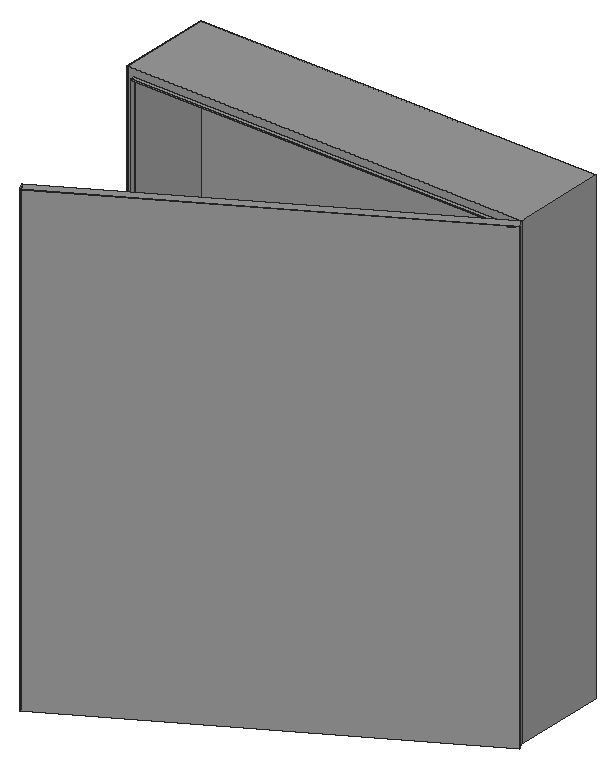
Revit family "Hager-Univers-IP44-D205-H950-Cl.I-Encl-NoHosted-CH-de", category Equipement électrique, Revit 2020
Family settings
  Configuration du panneau = Deux colonnes, circuits au sein
  Cote de connecteur circulaire = Utiliser le diamètre
  Type d'élément = Tableau de raccordement
  Basée sur le plan de construction = Oui
  Toujours verticalement = Oui
  Couper avec des vides une fois chargée = Non
  Partagée = Non
  Point de calcul de pièce = Non
Parameters (values of type "Aufputz IP44 B800 H950 T205  - FP63TN2")
  Width Control [instance] = if([EF000008 - Breite] > Min Width, [EF000008 - Breite], Min Width)  # 800 mm
  Commentaires du type = [HG000003 - Bereich]  # "Univers"
  Thickness Door [instance] = if([EF009171 - Materialstärke Tür/Deckel] > 3 mm, 3 mm, [EF009171 - Materialstärke Tür/Deckel])  # 1 mm
  Seal Frame Offset [instance] = 17 mm  # constant formula
  Plinth Visibility [instance] = [HG000027 - Sockelhöhe] > 0 mm  # no
  Min Width [instance] = 100 mm  # constant formula
  Min Depth [instance] = (2 * [EF009170 - Materialstärke Gehäuse]) + 1 mm  # 3 mm
  Min Height [instance] = 100 mm  # constant formula
  Internal Frame Depth [instance] = (Door System Depth * 0.5)  # 9 mm
  Panel Name [instance] = ""  # (empty or 0)
  Model = ""
  HG000027 - Sockelhöhe = 0 mm
  HG000026 - Stehend auf dem Boden = no
  HG000024 - Höhe des unteren Teils = 600 mm
  HG000023 - Gehäuse mit doppeltem Querschnitt = no
  HG000016 - 3D-Türsichtbarkeit [instance] = yes
  HG000015 - Sichtbarkeit der Türöffnung [instance] = no
  HG000014 - Tür rechts [instance] = yes
  HG000013 - Tür links [instance] = not([HG000014 - Tür rechts])  # no
  HG000012 - Türschwenkwinkel [instance] = 30.00°
  HG000010 - Asymmetrische Türen = no
  HG000009 - Doppelflügeligen Tür = no
  HG000006 - Unterputz = no
  HG000004 - Herstellerreferenz = "FP63TN2"
  HG000003 - Bereich = "Univers"
  HG000002 - Mit tür = yes
  Frame Offset Bottom [instance] = 10 mm  # constant formula
  Frame Offset [instance] = 15 mm  # constant formula
  EF015940 - Deckel mit Überdruckentlastung = no
  EF011959 - Schutzart (NEMA) = ""
  EF009554 - Anzahl der Öffnungen für Flanschplatten = 6
  EF009212 - Ausführung Deckel = "EV000116 - geschlossen"
  EF009171 - Materialstärke Tür/Deckel = 1 mm
  EF009170 - Materialstärke Gehäuse = 1 mm
  EF008873 - Nennstrom (In) = 250 A
  EF007800 - Geeignet für Blitzschutz = no
  EF006306 - Mit Schloss = no
  EF006244 - Transparenter Deckel/Tür = no
  EF005474 - Schutzart (IP) = "EV006418 - IP44"
  EF004464 - Art der Tür = "EV002646 - Einzel"
  EF004427 - Anzahl der Module = 216
  EF004293 - Schlagfestigkeit = "EV006815 - IK09"
  EF003532 - Geeignet für Außengebrauch = no
  EF002950 - Breite in Teilungseinheiten = 36
  EF001613 - Funktionserhalt = "EV000494 - ohne"
  EF001596 - Werkstoff des Gehäuses = "EV000179 - Stahl"
  EF001131 - Innentiefe = 130 mm
  EF001088 - Anbaumöglichkeit = yes
  EF000437 - Anzahl der Leitungseinführungen = 6
  EF000339 - Art der Abdeckung = "EV001012 - Deckel"
  EF000266 - Anzahl der Reihen = 6
  EF000218 - Einbautiefe = 205 mm
  EF000118 - Mit Montageplatte = no
  EF000116 - RAL-Nummer = "9010"
  EF000049 - Tiefe = 205 mm
  EF000040 - Höhe = 950 mm
  EF000008 - Breite = 800 mm
  EF000007 - Farbe = "EV000202 - weiß"
  EF000003 - Montageart = "EV000384 - Aufputz"
  Door System Leaf Tolerance [instance] = 1.5 mm  # constant formula
  Door System Depth [instance] = 18 mm  # constant formula
  Door Height [instance] = Height Control - [HG000027 - Sockelhöhe]  # 950 mm
  Description = ""
  Default Elevation = 1219.2 mm
  Connector Offset [instance] = Height Control / 2  # 475 mm
  Fabricant = "Hager"  # constant formula
  Height Control [instance] = if([EF000040 - Höhe] > Min Height, [EF000040 - Höhe], Min Height)  # 950 mm
  Depth Control [instance] = if([EF000049 - Tiefe] > Min Depth, [EF000049 - Tiefe], Min Depth)  # 205 mm
  Bottom Top Plate Trim [instance] = 1.5 mm  # constant formula
  Plinth height Ctrl [instance] = if([HG000027 - Sockelhöhe] > 0 mm, [HG000027 - Sockelhöhe], 12 mm)  # 12 mm
Types (10, lengths in mm): name | Width Control | HG000010 - Asymmetrische Türen | HG000009 - Doppelflügeligen Tür | HG000004 - Herstellerreferenz | EF009554 - Anzahl der Öffnungen für Flanschplatten | EF004464 - Art der Tür | EF004427 - Anzahl der Module | EF002950 - Breite in Teilungseinheiten | EF000437 - Anzahl der Leitungseinführungen | EF000218 - Einbautiefe | EF000008 - Breite
  Aufputz IP44 B1050 H950 T205  - FP64QT | 1050 | no | no | "FP64QT" | 8 | "EV003602 - Doppel" | 288 | 48 | 8 | 0 | 1050
  Aufputz IP44 B1050 H950 T205  - FP64TN2 | 1050 | no | yes | "FP64TN2" | 8 | "EV003602 - Doppel" | 288 | 48 | 8 | 205 | 1050
  Aufputz IP44 B1300 H950 T205  - FP65QT | 1300 | no | no | "FP65QT" | 10 | "EV003602 - Doppel" | 360 | 60 | 10 | 0 | 1300
  Aufputz IP44 B1300 H950 T205  - FP65TN2 | 1300 | yes | yes | "FP65TN2" | 10 | "EV003602 - Doppel" | 360 | 60 | 10 | 205 | 1300
  Aufputz IP44 B300 H950 T205  - FP61QT | 300 | no | no | "FP61QT" | 2 | "EV002646 - Einzel" | 72 | 12 | 2 | 0 | 300
  Aufputz IP44 B300 H950 T205  - FP61TN2 | 300 | no | no | "FP61TN2" | 2 | "EV002646 - Einzel" | 72 | 12 | 2 | 205 | 300
  Aufputz IP44 B550 H950 T205  - FP62QT | 550 | no | no | "FP62QT" | 4 | "EV002646 - Einzel" | 144 | 24 | 4 | 0 | 550
  Aufputz IP44 B550 H950 T205  - FP62TN2 | 550 | no | no | "FP62TN2" | 4 | "EV002646 - Einzel" | 144 | 24 | 4 | 205 | 550
  Aufputz IP44 B800 H950 T205  - FP63QT | 800 | no | no | "FP63QT" | 6 | "EV002646 - Einzel" | 216 | 36 | 6 | 0 | 800
  Aufputz IP44 B800 H950 T205  - FP63TN2 | 800 | no | no | "FP63TN2" | 6 | "EV002646 - Einzel" | 216 | 36 | 6 | 205 | 800
Reference planes
  plane 1 "Center (Front/Back)": y = 0
  plane 2: z = 0
  plane 3 "Center (Left/Right)": x = 0
  plane 4: y = 0
  plane 5: y = 0
  plane 6: z = 0
  plane 7: x = -400
  plane 8: x = 400
  plane 9: x = 399
  plane 10: x = -399
  plane 11: z = 0
  plane 12: z = 1
  plane 13: y = -205
  plane 14: y = -1
  plane 15: x = 0
  plane 16: y = -187
  plane 17: y = -204
  plane 18: y = -186
  plane 19: x = -384
  plane 20: x = 384
  plane 21: z = 11
  plane 22: x = -383
  plane 23: x = 383
  plane 24: z = 0
  plane 25: z = 950
  plane 26: z = 950
  plane 27: z = 934
  plane 28: z = 949
Forms (mm)
  Extrusion 1, solid, material "Hager_Steel_RAL7035_Light_Grey", detail levels medium+fine
    sketch origin (-208.679, -4572, 0) x (-1, 0, 0) y (0, -1, 0)
      loop
        line (191.321, -4385) -> (-608.679, -4385) -> (-608.679, -4572) -> (191.321, -4572) -> (191.321, -4385)
    from 0 to 950
  Extrusion 2, void
    sketch origin (-350.771, -205, 1219.2) x (1, 0, 0) y (0, 0, 1)
      loop
        line (-48.229, -270.2) -> (-48.229, -1218.2) -> (749.771, -1218.2) -> (749.771, -270.2) -> (-48.229, -270.2)
    from -19 to -204
  Extrusion 3, void
    sketch origin (-290.084, -187, 1219.2) x (1, 0, 0) y (0, 0, 1)
      loop
        line (-93.916, -1208.2) -> (674.084, -1208.2) -> (674.084, -285.2) -> (-93.916, -285.2) -> (-93.916, -1208.2)
    from 0 to -1
  Extrusion 4, solid, material "Hager_Steel_RAL7035_Light_Grey", visible <- "Plinth Visibility", detail levels medium+fine
    sketch origin (0, 0, 0) x (1, 0, 0) y (0, 1, 0)
      loop
        line (-400, 0) -> (-400, -187) -> (400, -187) -> (400, 0) -> (-400, 0)
    from 0 to 12 <- "Plinth height Ctrl"
  Extrusion 5, solid, material "Hager_Steel_RAL7035_Light_Grey", detail levels coarse
    sketch origin (0, 0, 0) x (1, 0, 0) y (0, 1, 0)
      loop
        line (-400, 0) -> (-400, -205) -> (400, -205) -> (400, 0) -> (-400, 0)
    from 0 to 950 <- "Height Control"
  Sweep 6, void
    path in 3D
      loop
        line (-400, -187, 12) -> (400, -187, 12) -> (400, 0, 12) -> (-400, 0, 12) -> (-400, -187, 12)
    profile origin (-400, -93.5, 12) x (1, 0, 0) y (0, 0, 1)
      loop
        line (0, 0) -> (0, -1.5) -> (1.5, -1.5)
        arc (1.5, -1.5) -> (1.061, -0.439) -> (0, 0) r 1.5
  Extrusion 7, solid, material "Hager_Steel_RAL7035_Light_Grey", detail levels fine
    sketch origin (-400, -187, 0) x (1, 0, 0) y (0, 0, 1)
      loop
        line (16, 11) -> (784, 11) -> (784, 934) -> (16, 934) -> (16, 11)
      loop
        line (15, 10) -> (785, 10) -> (785, 935) -> (15, 935) -> (15, 10)
    from 0 to 9 <- "Internal Frame Depth"
Cuts and joins
  Extrusion 2, Extrusion 3 cuts Extrusion 1
  Sweep 6 cuts Extrusion 4
Lines and regions (mm)
  Masking region 1
    outline origin (0, 0, 0) x (1, 0, 0) y (0, 1, 0)
      loop
        line (-400, 0) -> (-400, -205) -> (400, -205) -> (400, 0) -> (-400, 0)
  Masking region 2, detail levels coarse
    outline origin (-290.084, -187, 1219.2) x (-1, 0, 0) y (0, 0, 1)
      loop
        line (-690.084, -1219.2) -> (109.916, -1219.2) -> (109.916, -269.2) -> (-690.084, -269.2) -> (-690.084, -1219.2)
  Masking region 3, detail levels coarse
    outline origin (0, 0, 0) x (0, 1, 0) y (0, 0, 1)
      loop
        line (0, 0) -> (0, 950) -> (-205, 950) -> (-205, 0) -> (0, 0)
  Masking region 4, visible <- "Plinth Visibility", detail levels medium+fine
    outline origin (0, 0, 0) x (0, 1, 0) y (0, 0, 1)
      loop
        line (-1.5, 12) -> (-185.5, 12)
        arc (-185.5, 12) -> (-185.939, 10.939) -> (-187, 10.5) r 1.5
        line (-187, 10.5) -> (-187, 0) -> (0, 0) -> (0, 10.5)
        arc (0, 10.5) -> (-1.061, 10.939) -> (-1.5, 12) r 1.5
  Masking region 5, detail levels medium+fine
    outline origin (0, 0, 594.038) x (0, 1, 0) y (0, 0, 1)
      loop
        line (0, -594.038) -> (0, 355.962) -> (-187, 355.962) -> (-187, -594.038) -> (0, -594.038)
  Masking region 6, detail levels medium+fine
    outline origin (-359.7, -187, 1211.883) x (-1, 0, 0) y (0, 0, 1)
      loop
        line (-759.7, -1211.883) -> (40.3, -1211.883) -> (40.3, -261.883) -> (-759.7, -261.883) -> (-759.7, -1211.883)
  Masking region 7, visible <- "Plinth Visibility", detail levels medium+fine
    outline origin (-320.334, -187, 1041.368) x (-1, 0, 0) y (0, 0, 1)
      loop
        line (-720.334, -1041.368) -> (79.666, -1041.368) -> (79.666, -1030.868)
        arc (79.666, -1030.868) -> (78.606, -1030.429) -> (78.166, -1029.368) r 1.5
        line (78.166, -1029.368) -> (-718.834, -1029.368)
        arc (-718.834, -1029.368) -> (-719.273, -1030.429) -> (-720.334, -1030.868) r 1.5
        line (-720.334, -1030.868) -> (-720.334, -1041.368)
  sketch lines
    curve 1: line (-400, 0, 12) -> (-400, -187, 12)
    curve 2: line (-400, -187, 12) -> (400, -187, 12)
    curve 3: line (400, 0, 12) -> (-400, 0, 12)
    curve 4: line (400, -187, 12) -> (400, 0, 12)
Dimensions and locks
  locked: plane 1 "Center (Front/Back)" to plane 5
  "EF009170 - Materialstärke Gehäuse": plane 7 to plane 10
  "EF009170 - Materialstärke Gehäuse": plane 8 to plane 9
  equal spacing: plane 7, plane 3 "Center (Left/Right)", plane 8
  "Width Control": plane 7 to plane 8
  "Depth Control": plane 4 to plane 13
  "EF009170 - Materialstärke Gehäuse": plane 4 to plane 14
  "Height Control": plane 25 to level
  "HG000027 - Sockelhöhe": plane 11 to level
  "EF009170 - Materialstärke Gehäuse": plane 12 to plane 11
  "EF009170 - Materialstärke Gehäuse": plane 17 to plane 13
  "EF009170 - Materialstärke Gehäuse": plane 18 to plane 16
  "Frame Offset Bottom": plane 21 to plane 12
  "Frame Offset": plane 10 to plane 19
  "Frame Offset": plane 9 to plane 20
  "Door System Depth": plane 16 to plane 13
  "Seal Frame Offset": plane 7 to plane 22
  "Seal Frame Offset": plane 8 to plane 23
  "EF009170 - Materialstärke Gehäuse": plane 26 to plane 28
  "Frame Offset": plane 28 to plane 27
  "Connector Offset": plane 2 to connector elem
  "Bottom Top Plate Trim": profile plane to Sweep 6 sketch curve
  "Bottom Top Plate Trim": Sweep 6 sketch curve to Sweep 6 sketch curve
  "Plinth height Ctrl": Masking region 4 sketch curve to level
  "Plinth height Ctrl": Masking region 7 sketch curve to level
  "Thickness Door": Extrusion 7 sketch curve to Extrusion 7 sketch curve  (x4)
  "Bottom Top Plate Trim": radius of Sweep 6 sketch curve
  "Bottom Top Plate Trim": radius of Masking region 4 sketch curve  (x2)
  "Bottom Top Plate Trim": radius of Masking region 7 sketch curve  (x2)
  aligned and locked: Extrusion 2 sketch curve to plane 12
  aligned and locked: Extrusion 2 sketch curve to plane 9
  aligned and locked: Extrusion 2 sketch curve to plane 10
  aligned and locked: Extrusion 2 to plane 14
  aligned and locked: Extrusion 1 sketch curve to plane 4
  aligned and locked: plane 8 to Extrusion 1 sketch curve
  aligned and locked: plane 7 to Extrusion 1 sketch curve
  aligned and locked: Extrusion 2 to plane 18
  aligned and locked: Extrusion 3 sketch curve to plane 19
  aligned and locked: plane 20 to Extrusion 3 sketch curve
  aligned and locked: Extrusion 3 to Extrusion 2
  aligned and locked: Extrusion 3 sketch curve to plane 21
  aligned and locked: plane 3 "Center (Left/Right)" to nested 1
  aligned and locked: Extrusion 1 sketch curve to plane 16
  aligned and locked: Extrusion 4 sketch curve to cut or joined group of Extrusion 1, Extrusion 2, Extrusion 3
  aligned and locked: Masking region 1 sketch curve to plane 7
  aligned and locked: Masking region 1 sketch curve to plane 5
  aligned and locked: Masking region 1 sketch curve to plane 8
  aligned and locked: Masking region 2 sketch curve to level
  aligned and locked: level to Masking region 3 sketch curve
  aligned and locked: plane 1 "Center (Front/Back)" to Masking region 3 sketch curve
  aligned and locked: plane 13 to Masking region 3 sketch curve
  aligned and locked: plane 5 to Masking region 4 sketch curve
  aligned and locked: Masking region 2 sketch curve to plane 8
  aligned and locked: Masking region 2 sketch curve to plane 7
  aligned and locked: plane 7 to nested 2
  aligned and locked: nested 2 to plane 5
  aligned and locked: plane 5 to Masking region 5 sketch curve
  aligned and locked: plane 26 to Masking region 5 sketch curve
  aligned and locked: Extrusion 5 sketch curve to plane 8
  aligned and locked: Extrusion 5 sketch curve to plane 7
  aligned and locked: Extrusion 5 sketch curve to plane 5
  aligned and locked: Extrusion 3 sketch curve to plane 27
  aligned and locked: Extrusion 2 sketch curve to plane 28
  aligned and locked: Masking region 2 to plane 25
  aligned and locked: Extrusion 4 to plane 16
  aligned and locked: profile plane to Sweep 6 sketch curve
  aligned and locked: Masking region 5 sketch curve to plane 24
  aligned and locked: level to Masking region 4 sketch curve
  aligned and locked: Masking region 1 to plane 13
  aligned and locked: nested 1 to plane 16
  aligned and locked: Masking region 3 to plane 25
  aligned and locked: plane 16 to Masking region 4 sketch curve
  aligned and locked: Masking region 5 sketch curve to plane 16
  aligned and locked: plane 24 to plane 11
  aligned and locked: plane 26 to plane 25
  aligned and locked: plane 26 to cut or joined group of Extrusion 1, Extrusion 2, Extrusion 3
  aligned and locked: nested 1 to plane 24
  aligned and locked: Extrusion 1 to Extrusion 3
  aligned and locked: Masking region 6 sketch curve to plane 8
  aligned and locked: Masking region 6 sketch curve to plane 24
  aligned and locked: Masking region 6 sketch curve to plane 7
  aligned and locked: Masking region 6 sketch curve to plane 26
  aligned and locked: Masking region 7 sketch curve to plane 7
  aligned and locked: level to Masking region 7 sketch curve
  aligned and locked: Masking region 7 sketch curve to plane 8
  aligned and locked: Extrusion 7 sketch curve to cut or joined group of Extrusion 1, Extrusion 2, Extrusion 3  (x4)
Automatic sketch dimensions
  plane 19 to Extrusion 3 sketch curve = 0 mm
  Extrusion 3 sketch curve to plane 20 = 0 mm
  Extrusion 3 sketch curve to plane 21 = 0 mm
  Extrusion 4 sketch curve to plane 7 = 0 mm
  Extrusion 4 sketch curve to plane 8 = 0 mm
  Extrusion 4 sketch curve to plane 16 = 0 mm
  Masking region 1 sketch curve to plane 13 = 0 mm
  Masking region 2 sketch curve to plane 25 = 0 mm
  Masking region 3 sketch curve to plane 25 = 0 mm
  Extrusion 5 sketch curve to plane 13 = 0 mm
  profile plane to Sweep 6 sketch curve = 0 mm
Nested families
  nested 1: "EC000058_Univers_Door" at (0, -187, 0), Double <- "HG000009 - Doppelflügeligen Tür", Transparent <- "EF006244 - Transparenter Deckel/Tür", Angle <- "HG000012 - Türschwenkwinkel", Door_Right <- "HG000014 - Tür rechts", Assymetrical <- "HG000010 - Asymmetrische Türen", Door <- "HG000002 - Mit tür", Width_Ctrl <- "Width Control", 3d_Door <- "HG000016 - 3D-Türsichtbarkeit", Clearance <- "HG000015 - Sichtbarkeit der Türöffnung", Door_Left <- "HG000013 - Tür links", Width <- "Width Control", Door_Depth <- "Door System Depth", Leaf_Tolerance <- "Door System Leaf Tolerance", Height <- "Door Height", Lock_Visibility <- "EF006306 - Mit Schloss", Thickness <- "Thickness Door", type "EC000058_Univers_Door", detail levels medium+fine
    with min_wh 3 mm, Width_Ctrl 800 mm, Width 800 mm, Transparent no, Thickness 1 mm, Seal_Material Hager_Rubber, Lock_Visibility no, Lock_Material Hager_Plastic_RAL9005_Jet_Black, Leaf_Width 800 mm, Leaf_Tolerance_External_Sides 0 mm, Leaf_Tolerance 1.5 mm, Leaf_Offset 0 mm, Leaf_Height 947 mm, Leaf_2_Width 800 mm, Leaf_2_Offset 400 mm, Leaf_1_Width 800 mm, Leaf_1_Offset 400 mm, Height_Ctrl 950 mm, Height 950 mm, Glass_Material Hager_Glass, Double_Clearance_Ctrl no, Double no, Door_Right_Ctrl yes, Door_Right yes, Door_Material Hager_Steel_RAL7035_Light_Grey, Door_Left_Ctrl no, Door_Left no, Door_Depth 18 mm, Door yes, Clearance_Material Hager_Clearance, Clearance_Depth 800 mm, Clearance_Ctrl no, Clearance no, Assymetrical no, Angle 30.00°, 3d_Door yes
  nested 2: "Hager_Enclosure_Symbol" at (-400, 0, 0), Height <- "Depth Control", Width <- "Width Control", type "Hager_Enclosure_Symbol"
    with Width_Ctrl 800 mm, Width 800 mm, Height_Ctrl 205 mm, Height 205 mm, A_Width_Int 13.453 mm, A_Width 161.438 mm, A_Height_Ctrl 179.375 mm, A_Height 179.375 mm
Connectors
  electrical at (0, 0, 475)
    settings: on plane 1 "Center (Front/Back)", index 1, voltage 0 V, apparent load 0 VA, apparent load phase1 0 VA, apparent load phase2 0 VA, apparent load phase3 0 VA, power factor 1, load classification "Other", number of poles 1, system type 30, power factor state 1, is connector primary yes, connector utility no, sub classification motor no, connector description ""
Definition of nested family "EC000058_Univers_Door"
  Parameters (values of type "EC000058_Univers_Door")
    min_wh [instance] = (2 * Thickness) + 1 mm  # 11 mm
    Width_Ctrl [instance] = 400 mm
    Width [instance] = 500 mm
    Transparent [instance] = yes
    Thickness [instance] = 5 mm
    Seal_Material [instance] = none
    Lock_Visibility [instance] = yes
    Lock_Material [instance] = none
    Leaf_Width [instance] = if((Width_Ctrl - 2 * Leaf_Tolerance_External_Sides) > 0 mm, (Width_Ctrl - 2 * Leaf_Tolerance_External_Sides), min_wh)  # 400 mm
    Leaf_Tolerance_External_Sides [instance] = 0 mm  # constant formula
    Leaf_Tolerance [instance] = 1.5 mm
    Leaf_Offset [instance] = 0 mm  # constant formula
    Leaf_Height [instance] = if((Height_Ctrl - 2 * Leaf_Tolerance) > 0 mm, (Height_Ctrl - 2 * Leaf_Tolerance), min_wh)  # 497 mm
    Leaf_2_Width [instance] = if(and(and(Double, Assymetrical), Door_Left), (Leaf_Width / 3) - (Leaf_Tolerance / 2), if(and(and(Double, Assymetrical), Door_Right), (Leaf_Width / 3) * 2 - (Leaf_Tolerance / 2), if(and(Double, not(Assymetrical)), (Leaf_Width / 2) - Leaf_Tolerance, Leaf_Width)))  # 400 mm
    Leaf_2_Offset [instance] = if(and(Double, Assymetrical), Leaf_2_Width / 2, if(and(Double, not(Assymetrical)), Leaf_Width / 4, Leaf_Width / 2))  # 200 mm
    Leaf_1_Width [instance] = if(and(and(Double, Assymetrical), Door_Right), (Leaf_Width / 3) - (Leaf_Tolerance / 2), if(and(and(Double, Assymetrical), Door_Left), (Width / 3) * 2 - (Leaf_Tolerance / 2), if(and(Double, not(Assymetrical)), (Leaf_Width / 2) - Leaf_Tolerance, Leaf_Width)))  # 400 mm
    Leaf_1_Offset [instance] = if(and(Double, Assymetrical), Leaf_1_Width / 2, if(and(Double, not(Assymetrical)), Leaf_Width / 4, Leaf_Width / 2))  # 200 mm
    Height_Ctrl [instance] = if(Height > min_wh, Height, min_wh)  # 500 mm
    Height [instance] = 500 mm
    Glass_Material [instance] = none
    Double_Clearance_Ctrl [instance] = and(Double, Clearance)  # no
    Double [instance] = no
    Door_Right_Ctrl [instance] = and(or(Door_Right, Double), Door)  # yes
    Door_Right [instance] = yes
    Door_Material [instance] = none
    Door_Left_Ctrl [instance] = and(or(Door_Left, Double), Door)  # no
    Door_Left [instance] = no
    Door_Depth [instance] = 30 mm
    Door [instance] = yes
    Default Elevation = 1219.2 mm
    Clearance_Material [instance] = none
    Clearance_Depth [instance] = if(Leaf_1_Width > Leaf_2_Width, Leaf_1_Width, Leaf_2_Width)  # 400 mm
    Clearance_Ctrl [instance] = and(not(Double), Clearance)  # yes
    Clearance [instance] = yes
    Assymetrical [instance] = yes
    Angle [instance] = 30.00°
    3d_Door [instance] = yes
  Reference planes
    plane 1 "Center (Front/Back)": y = 0
    plane 2 "Bottom": z = 0
    plane 3 "Center (Left/Right)": x = 0
    plane 4: z = 500
    plane 5: x = -200
    plane 6: x = 200
    plane 7: z = 500
    plane 8: x = -200
    plane 9: z = 0
    plane 10: x = 200
    plane 11: y = 0
    plane 12: z = 1.5
    plane 13: x = -600
    plane 14: y = -400
    plane 15: x = 600
    plane 16: x = 0
    plane 17: x = 0
    plane 18: x = -200
    plane 19: x = 200
    plane 20: z = 498.5
  Forms (mm)
    Extrusion 1, solid, material <- "Clearance_Material", visible <- "Double_Clearance_Ctrl"
      sketch origin (1200, 0, 0) x (1, 0, 0) y (0, 0, -1)
        loop
          line (-1800, -498.5) -> (-600, -498.5) -> (-600, 0) -> (-1800, 0) -> (-1800, -498.5)
      from 0 to -400
  Dimensions and locks
    equal spacing: plane 5, plane 3 "Center (Left/Right)", plane 6
    "Width_Ctrl": plane 5 to plane 6
    "Leaf_Offset": plane 5 to plane 8
    "Leaf_Offset": plane 6 to plane 10
    "Leaf_Offset": plane 9 to level
    "Leaf_Offset": plane 4 to plane 7
    "Height_Ctrl": plane 4 to level
    "Leaf_Tolerance": plane 12 to plane 9
    locked: plane 11 to plane 1 "Center (Front/Back)"
    "Leaf_1_Offset": plane 18 to plane 16
    "Leaf_2_Offset": plane 17 to plane 19
    "Leaf_1_Width": plane 13 to plane 8
    "Leaf_2_Width": plane 10 to plane 15
    "Clearance_Depth": plane 14 to plane 1 "Center (Front/Back)"
    "Leaf_Tolerance_External_Sides": plane 8 to plane 18
    "Leaf_Tolerance_External_Sides": plane 19 to plane 10
    "Leaf_Tolerance": plane 7 to plane 20
    aligned and locked: level to plane 2 "Bottom"
    aligned and locked: nested 1 to plane 16
    aligned and locked: nested 2 to plane 17
    aligned and locked: Extrusion 1 to plane 13
    aligned and locked: plane 15 to Extrusion 1
    aligned and locked: Extrusion 1 to plane 14
    aligned and locked: plane 12 to nested 1
    aligned and locked: nested 2 to plane 12
    aligned and locked: Extrusion 1 to plane 11
    aligned and locked: plane 20 to Extrusion 1
    aligned and locked: nested 2 to plane 11
    aligned and locked: nested 1 to plane 11
  Automatic sketch dimensions
    Extrusion 1 sketch curve to level = 0 mm
    plane 5 to Extrusion 1 sketch curve = 400 mm
    plane 6 to Extrusion 1 sketch curve = 400 mm
    Extrusion 1 sketch curve to plane 4 = 1.5 mm
  Nested families
    nested 1: "EC000058_Univers_Door_Leaf" at (0, 0, 1.5), Width <- "Leaf_1_Width", visible <- "Door_Left_Ctrl", Leaf_Height <- "Leaf_Height", Angle <- "Angle", 3d_Door <- "3d_Door", Transparent <- "Transparent", Clearance Material <- "Clearance_Material", Clearance <- "Clearance_Ctrl", Door_Material <- "Door_Material", Glass_Material <- "Glass_Material", Door_Depth <- "Door_Depth", Lock_Material <- "Lock_Material", Seal_Material <- "Seal_Material", Lock_Visibility <- "Lock_Visibility", Thickness <- "Thickness", type "EC000058_Univers_Door_Leaf"
      with Width 400 mm, Transparent_Glass_Offset 30 mm, Transparent_Ctrl yes, Transparent yes, Thickness 5 mm, Standard no, Seal_Material none, Seal_D2 8 mm, Seal_D1 1 mm, Offset_Internal_Frame 10 mm, Lock_Width 20 mm, Lock_Visibility_3d yes, Lock_Visibility yes, Lock_Thickness_3 3 mm, Lock_Thickness_2 1 mm, Lock_Thickness_1 3 mm, Lock_Radius_Offset_2 16 mm, Lock_Radius_Offset_1 15 mm, Lock_Radius_2 5 mm, Lock_Radius 6 mm, Lock_Offset 5 mm, Lock_Material none, Lock_Height 80 mm, Lock_Cover_Top_Offset_2d 17 mm, Lock_Cover_Height -65 mm, Leaf_Height 497 mm, Internal_Seal_Thickness 8 mm, Internal_Seal_Depth_2 4.5 mm, Internal_Frame_Depth 25 mm, Glass_Thickness -1 mm, Glass_Offset -2 mm, Glass_Material none, Door_Material none, Door_Depth 30 mm, Clearance Material none, Clearance yes, Angle_Ctrl 30.00°, Angle 30.00°, 3d_Door yes
    nested 2: "EC000058_Univers_Door_Leaf" at (0, 0, 1.5) x (-1, 0, 0) z (0, 0, 1), Width <- "Leaf_2_Width", visible <- "Door_Right_Ctrl", Leaf_Height <- "Leaf_Height", Angle <- "Angle", 3d_Door <- "3d_Door", Transparent <- "Transparent", Clearance Material <- "Clearance_Material", Clearance <- "Clearance_Ctrl", Door_Material <- "Door_Material", Glass_Material <- "Glass_Material", Door_Depth <- "Door_Depth", Lock_Material <- "Lock_Material", Seal_Material <- "Seal_Material", Lock_Visibility <- "Lock_Visibility", Thickness <- "Thickness", type "EC000058_Univers_Door_Leaf"
      with Width 400 mm, Transparent_Glass_Offset 30 mm, Transparent_Ctrl yes, Transparent yes, Thickness 5 mm, Standard no, Seal_Material none, Seal_D2 8 mm, Seal_D1 1 mm, Offset_Internal_Frame 10 mm, Lock_Width 20 mm, Lock_Visibility_3d yes, Lock_Visibility yes, Lock_Thickness_3 3 mm, Lock_Thickness_2 1 mm, Lock_Thickness_1 3 mm, Lock_Radius_Offset_2 16 mm, Lock_Radius_Offset_1 15 mm, Lock_Radius_2 5 mm, Lock_Radius 6 mm, Lock_Offset 5 mm, Lock_Material none, Lock_Height 80 mm, Lock_Cover_Top_Offset_2d 17 mm, Lock_Cover_Height -65 mm, Leaf_Height 497 mm, Internal_Seal_Thickness 8 mm, Internal_Seal_Depth_2 4.5 mm, Internal_Frame_Depth 25 mm, Glass_Thickness -1 mm, Glass_Offset -2 mm, Glass_Material none, Door_Material none, Door_Depth 30 mm, Clearance Material none, Clearance yes, Angle_Ctrl 30.00°, Angle 30.00°, 3d_Door yes
  Definition of nested family "EC000058_Univers_Door_Leaf"
    Parameters (values of type "EC000058_Univers_Door_Leaf")
      Width [instance] = 2000 mm
      Transparent_Glass_Offset [instance] = 30 mm
      Transparent_Ctrl [instance] = and(Transparent, [3d_Door])  # yes
      Transparent [instance] = yes
      Thickness [instance] = 5 mm
      Standard [instance] = and(not(Transparent), [3d_Door])  # no
      Seal_Material [instance] = none
      Seal_D2 [instance] = 8 mm  # constant formula
      Seal_D1 [instance] = 1 mm  # constant formula
      Offset_Internal_Frame [instance] = 10 mm  # constant formula
      Lock_Width [instance] = 20 mm  # constant formula
      Lock_Visibility_3d [instance] = and(Lock_Visibility, [3d_Door])  # yes
      Lock_Visibility [instance] = yes
      Lock_Thickness_3 [instance] = 3 mm  # constant formula
      Lock_Thickness_2 [instance] = 1 mm  # constant formula
      Lock_Thickness_1 [instance] = 3 mm  # constant formula
      Lock_Radius_Offset_2 [instance] = Lock_Radius_Offset_1 + 1 mm  # 16 mm
      Lock_Radius_Offset_1 [instance] = 15 mm  # constant formula
      Lock_Radius_2 [instance] = Lock_Radius - 1 mm  # 5 mm
      Lock_Radius [instance] = 6 mm  # constant formula
      Lock_Offset [instance] = 5 mm  # constant formula
      Lock_Material [instance] = none
      Lock_Height [instance] = 80 mm  # constant formula
      Lock_Cover_Top_Offset_2d [instance] = Lock_Radius_Offset_2 + 1 mm  # 17 mm
      Lock_Cover_Height [instance] = -(Lock_Height - Lock_Radius_Offset_1)  # -65 mm
      Leaf_Height [instance] = 2720.336 mm
      Internal_Seal_Thickness [instance] = 8 mm  # constant formula
      Internal_Seal_Depth_2 [instance] = 4.5 mm  # constant formula
      Internal_Frame_Depth [instance] = if(Door_Depth - Thickness > 5 mm, Door_Depth - Thickness, 5 mm)  # 25 mm
      Glass_Thickness [instance] = if(Thickness > 15 mm, Glass_Offset + 10 mm, -1 mm)  # -1 mm
      Glass_Offset [instance] = if(Thickness > 15 mm, -(Thickness + 10 mm) / 2, -2 mm)  # -2 mm
      Glass_Material [instance] = none
      Door_Material [instance] = none
      Door_Depth [instance] = 30 mm
      Default Elevation = 0 mm
      Clearance Material [instance] = none
      Clearance [instance] = yes
      Angle_Ctrl [instance] = if(Angle > 180.00°, 180.00°, Angle)  # 90.00°
      Angle [instance] = 90.00°
      3d_Door [instance] = yes
    Reference planes
      plane 1 "Center (Front/Back)": y = 0
      plane 2: z = 0
      plane 3 "Center (Left/Right)": x = 0
      plane 4: y = 2000
      plane 5: x = -1000
      plane 6: x = 1000
      plane 7: x = -3000
      plane 8: z = 2720.336
      plane 9: z = 30
      plane 10: z = 2690.336
      plane 11: x = 970
      plane 12: x = -970
      plane 13: y = -3
      plane 14: z = 107.833
      plane 15: y = -5
      plane 16: y = -223.314
      plane 17: x = -1000
      plane 18: z = 1360.168
      plane 19: y = 30
    Forms (mm)
      Extrusion 1, solid, material <- "Clearance Material", visible <- "Clearance"
        sketch origin (0, 0, 0) x (1, 0, 0) y (0, 0, 1)
          loop
            line (-3000, 2720.336) -> (-3000, 0) -> (1000, 0) -> (1000, 2720.336) -> (-3000, 2720.336)
        from 0 to -2000
      Extrusion 2, solid, material <- "Door_Material", visible <- "Standard", detail levels medium+fine
        sketch origin (-1000, 0, 0) x (0, 1, 0) y (-1, 0, 0)
          loop
            line (0, 30) -> (0, 25) -> (2000, 25) -> (2000, 30) -> (0, 30)
        from 0 to 2720.336 <- "Leaf_Height"
      Extrusion 3, solid, material <- "Door_Material", visible <- "Transparent_Ctrl", detail levels medium+fine
        sketch origin (-1000, 0, 0) x (0, 1, 0) y (-1, 0, 0)
          loop
            line (0, 25) -> (2000, 25) -> (2000, 30) -> (0, 30) -> (0, 25)
        from 0 to 2720.336 <- "Leaf_Height"
      Extrusion 4, void
        sketch origin (-1025, 2000, 0) x (0, 1, 0) y (0, 0, -1)
          loop
            line (-30, -2690.336) -> (-30, -30) -> (-1970, -30) -> (-1970, -2690.336) -> (-30, -2690.336)
        from 0 to 5 <- "Thickness"
      Sweep 5, solid, material <- "Seal_Material", visible <- "Transparent_Ctrl", detail levels fine
        path in 3D
          loop
            line (-1025, 30, 30) -> (-1025, 30, 2690.336) -> (-1025, 1970, 2690.336) -> (-1025, 1970, 30) -> (-1025, 30, 30)
        profile origin (-1025, 1000, 30) x (1, 0, 0) y (0, 0, 1)
          loop
            line (0, 0) -> (0, -8) -> (1, -8) -> (1, 0) -> (0, 0)
      Extrusion 6, solid, material <- "Glass_Material", visible <- "Transparent_Ctrl", detail levels medium+fine
        sketch origin (-1030, 0, 0) x (0, 1, 0) y (0, 0, -1)
          loop
            line (1970, -2690.336) -> (1970, -30) -> (30, -30) -> (30, -2690.336) -> (1970, -2690.336)
        from -2 <- "Glass_Offset" to -1 <- "Glass_Thickness"
      Extrusion 7, solid, material <- "Door_Material", visible <- "3d_Door", detail levels medium+fine
        sketch origin (-1025, 2000, 0) x (0, -1, 0) y (0, 0, -1)
          loop
            line (0, -2720.336) -> (2000, -2720.336) -> (2000, 0) -> (0, 0) -> (0, -2720.336)
          loop
            line (1995, -5) -> (5, -5) -> (5, -2715.336) -> (1995, -2715.336) -> (1995, -5)
        from 0 to 25 <- "Internal_Frame_Depth"
      Sweep 8, solid, material <- "Seal_Material", visible <- "Transparent_Ctrl", detail levels fine
        path in 3D
          loop
            line (-1025, 0, 0) -> (-1025, 2000, 0) -> (-1025, 2000, 2720.336) -> (-1025, 0, 2720.336) -> (-1025, 0, 0)
        profile origin (-1025, 0, 1360.168) x (1, 0, 0) y (0, 1, 0)
          loop
            line (0, 10) -> (2.975, 10)
            arc (2.975, 10) -> (4.053, 10.447) -> (4.5, 11.525) r 1.525
            line (4.5, 11.525) -> (4.5, 16.527)
            arc (4.5, 16.527) -> (4.069, 17.569) -> (3.027, 18) r 1.473
            line (3.027, 18) -> (0, 18) -> (0, 10)
      Extrusion 9, solid, material <- "Lock_Material", visible <- "Lock_Visibility_3d", detail levels fine
        sketch origin (-1030, 0, 0) x (0, 1, 0) y (0, 0, -1)
          loop
            arc (1993.5, -1400.168) -> (1994.561, -1399.729) -> (1995, -1398.668) r 1.5
            line (1995, -1398.668) -> (1995, -1320.168) -> (1975, -1320.168) -> (1975, -1398.668)
            arc (1975, -1398.668) -> (1975.439, -1399.729) -> (1976.5, -1400.168) r 1.5
            line (1976.5, -1400.168) -> (1993.5, -1400.168)
        from 3 <- "Lock_Thickness_1" to 0
      Blend 10, solid, material <- "Lock_Material", visible <- "Lock_Visibility_3d", detail levels fine
        base sketch origin (-1033, 0, 0) x (0, 1, 0) y (0, 0, -1)
          loop
            line (1975, -1320.168) -> (1975, -1398.668)
            arc (1975, -1398.668) -> (1975.439, -1399.729) -> (1976.5, -1400.168) r 1.5
            line (1976.5, -1400.168) -> (1993.5, -1400.168)
            arc (1993.5, -1400.168) -> (1994.561, -1399.729) -> (1995, -1398.668) r 1.5
            line (1995, -1398.668) -> (1995, -1320.168) -> (1975, -1320.168)
        top sketch origin (-1033, 0, 0) x (0, 1, 0) y (0, 0, -1)
          loop
            line (1976, -1320.168) -> (1976, -1398.668)
            arc (1976, -1398.668) -> (1976.146, -1399.022) -> (1976.5, -1399.168) r 0.5
            line (1976.5, -1399.168) -> (1993.5, -1399.168)
            arc (1993.5, -1399.168) -> (1993.854, -1399.022) -> (1994, -1398.668) r 0.5
            line (1994, -1398.668) -> (1994, -1320.168) -> (1976, -1320.168)
        from 0 to 1 <- "Lock_Thickness_2"
      Blend 11, solid, material <- "Lock_Material", visible <- "Lock_Visibility_3d", detail levels fine
        base sketch origin (-1034, 0, 0) x (0, 1, 0) y (0, 0, -1)
          loop
            line (1978, -1320.168) -> (1978, -1384.168)
            arc (1978, -1384.168) -> (1985, -1391.168) -> (1992, -1384.168) r 7
            line (1992, -1384.168) -> (1992, -1320.168) -> (1978, -1320.168)
        top sketch origin (-1034, 0, 0) x (0, 1, 0) y (0, 0, -1)
          loop
            line (1991, -1320.168) -> (1979, -1320.168) -> (1979, -1383.168)
            arc (1979, -1383.168) -> (1985, -1389.168) -> (1991, -1383.168) r 6
            line (1991, -1383.168) -> (1991, -1320.168)
        from 0 to 3 <- "Lock_Thickness_3"
      Extrusion 12, solid, material <- "Lock_Material", visible <- "Lock_Visibility_3d", detail levels fine
        sketch origin (-1030, 1975, 1320.168) x (1, 0, 0) y (0, -1, 0)
          loop
            line (-7, -19) -> (-7, -1) -> (0, -1) -> (0, 0) -> (-8, 0) -> (-8, -20) -> (0, -20) -> (0, -19) -> (-7, -19)
        from 0 to -65 <- "Lock_Cover_Height"
      Extrusion 13, void
        sketch origin (-1038, 1995, 1320.168) x (-1, 0, 0) y (0, 0, -1)
          loop
            line (-5, -65) -> (0, -65) -> (-5, -60) -> (-5, -65)
        from 0 to 20 <- "Lock_Width"
      Extrusion 14, void
        sketch origin (-1038, 1975, 1320.168) x (0, -1, 0) y (0, 0, -1)
          loop
            circle (-10, -15.995) r 6
          loop
            circle (-10, -15.995) r 5
        from 0 to 2
      Extrusion 15, solid, material <- "Lock_Material", visible <- "Lock_Visibility_3d", detail levels medium
        sketch origin (-1030, 0, 0) x (0, 1, 0) y (0, 0, -1)
          loop
            arc (1993.5, -1400.168) -> (1994.561, -1399.729) -> (1995, -1398.668) r 1.5
            line (1995, -1398.668) -> (1995, -1320.168) -> (1975, -1320.168) -> (1975, -1398.668)
            arc (1975, -1398.668) -> (1975.439, -1399.729) -> (1976.5, -1400.168) r 1.5
            line (1976.5, -1400.168) -> (1993.5, -1400.168)
        from 8 to 0
    Cuts and joins
      Extrusion 4 cuts Extrusion 3
      Extrusion 13, Extrusion 14 cuts Extrusion 9
      Extrusion 14 cuts Blend 11
      Extrusion 13, Extrusion 14 cuts Extrusion 12
      joined: Extrusion 9, Blend 10, Blend 11, Extrusion 12
      Extrusion 14 cuts Extrusion 15
    Lines and regions (mm)
      Masking region 1, visible <- "Lock_Visibility", detail levels fine
        outline origin (0, 0, 0) x (0, 1, 0) y (0, 0, 1)
          loop
            line (30, 1320.168) -> (33, 1320.168) -> (33, 1400.168) -> (30, 1400.168) -> (30, 1320.168)
      Masking region 2, visible <- "Lock_Visibility", detail levels fine
        outline origin (0, 3.143, 0) x (0, 1, 0) y (0, 0, 1)
          loop
            line (29.857, 1354.168) -> (30.857, 1354.168) -> (30.857, 1366.168) -> (29.857, 1366.168) -> (29.857, 1354.168)
      Masking region 3, detail levels medium+fine
        outline origin (0, 0, 0) x (0, 1, 0) y (0, 0, 1)
          loop
            line (0, 0) -> (30, 0) -> (30, 2720.336) -> (0, 2720.336) -> (0, 0)
      Masking region 4, detail levels medium+fine
        outline origin (0, 0, 0) x (1, 0, 0) y (0, 0, 1)
          loop
            line (-1000, 2720.336) -> (-1000, 0) -> (1000, 0) -> (1000, 2720.336) -> (-1000, 2720.336)
      Masking region 5, visible <- "Lock_Visibility", detail levels fine
        outline origin (-47.116, 0, 0) x (1, 0, 0) y (0, 0, 1)
          loop
            arc (1024.616, 1399.168) -> (1023.556, 1398.729) -> (1023.116, 1397.668) r 1.5
            line (1023.116, 1397.668) -> (1023.116, 1320.168) -> (1041.116, 1320.168) -> (1041.116, 1397.668)
            arc (1041.116, 1397.668) -> (1040.677, 1398.729) -> (1039.616, 1399.168) r 1.5
            line (1039.616, 1399.168) -> (1024.616, 1399.168)
      Masking region 6, visible <- "Lock_Visibility", detail levels medium+fine
        outline origin (-25, 0, 0) x (1, 0, 0) y (0, 0, 1)
          loop
            arc (1001.5, 1400.168) -> (1000.439, 1399.729) -> (1000, 1398.668) r 1.5
            line (1000, 1398.668) -> (1000, 1320.168) -> (1020, 1320.168) -> (1020, 1398.668)
            arc (1020, 1398.668) -> (1019.561, 1399.729) -> (1018.5, 1400.168) r 1.5
            line (1018.5, 1400.168) -> (1001.5, 1400.168)
      Masking region 7, visible <- "Lock_Visibility", detail levels fine
        outline origin (-73.735, 0, 0) x (1, 0, 0) y (0, 0, 1)
          loop
            line (1051.735, 1382.168) -> (1065.735, 1382.168) -> (1065.735, 1384.168)
            arc (1065.735, 1384.168) -> (1058.735, 1391.168) -> (1051.735, 1384.168) r 7
            line (1051.735, 1384.168) -> (1051.735, 1382.168)
      Masking region 8, visible <- "Lock_Visibility", detail levels fine
        outline origin (-73.735, 0, 0) x (1, 0, 0) y (0, 0, 1)
          loop
            line (1052.735, 1382.168) -> (1064.735, 1382.168) -> (1064.735, 1383.168)
            arc (1064.735, 1383.168) -> (1058.735, 1389.168) -> (1052.735, 1383.168) r 6
            line (1052.735, 1383.168) -> (1052.735, 1382.168)
      Masking region 9, visible <- "Lock_Visibility", detail levels fine
        outline origin (-25, 0, 0) x (1, 0, 0) y (0, 0, 1)
          loop
            line (1020, 1320.168) -> (1020, 1382.168) -> (1000, 1382.168) -> (1000, 1320.168) -> (1020, 1320.168)
      Masking region 10, detail levels medium+fine
        outline origin (0, 0, 0) x (1, 0, 0) y (0, 0, 1)
          loop
            circle (985, 1335.144) r 6
      Masking region 11, detail levels fine
        outline origin (0, 0, 0) x (1, 0, 0) y (0, 0, 1)
          loop
            circle (985, 1335.144) r 5
      Masking region 12, visible <- "Lock_Visibility", detail levels fine
        outline origin (0, 12.767, 0) x (0, 1, 0) y (0, 0, 1)
          loop
            line (20.233, 1320.168) -> (21.233, 1320.168) -> (21.233, 1399.168) -> (20.233, 1400.168) -> (20.233, 1320.168)
      Masking region 13, visible <- "Lock_Visibility", detail levels fine
        outline origin (0, 13.767, -10) x (0, 1, 0) y (0, 0, 1)
          loop
            line (20.233, 1330.168) -> (23.233, 1330.168) -> (23.233, 1399.168) -> (20.233, 1402.168) -> (20.233, 1330.168)
      Masking region 14, visible <- "Lock_Visibility", detail levels fine
        outline origin (0, 12.767, -10) x (0, 1, 0) y (0, 0, 1)
          loop
            line (20.233, 1330.168) -> (25.233, 1330.168) -> (25.233, 1399.305) -> (20.233, 1394.305) -> (20.233, 1330.168)
      Masking region 15, visible <- "Lock_Visibility", detail levels medium
        outline origin (0, 0, 0) x (0, 1, 0) y (0, 0, 1)
          loop
            line (30, 1320.168) -> (38, 1320.168) -> (38, 1400.168) -> (30, 1400.168) -> (30, 1320.168)
      Masking region 16, visible <- "Lock_Visibility", detail levels fine
        outline origin (-1000, 0, 0) x (0, 1, 0) y (-1, 0, 0)
          loop
            line (1975, 30) -> (1995, 30) -> (1995, 38) -> (1975, 38) -> (1975, 30)
          loop
            line (1979, 37) -> (1976, 37) -> (1976, 34) -> (1978, 34) -> (1979, 37)
          loop
            line (1994, 37) -> (1991, 37) -> (1992, 34) -> (1994, 34) -> (1994, 37)
      Masking region 17, visible <- "Lock_Visibility", detail levels medium
        outline origin (-1000, 0, 0) x (0, 1, 0) y (-1, 0, 0)
          loop
            line (1975, 30) -> (1995, 30) -> (1995, 38) -> (1975, 38) -> (1975, 30)
      symbolic lines
        curve 1: line (1000, 0, 0) -> (-3000, 0, 0)
        curve 2: arc (1000, 0, 0) -> (-1000, 2000, 0) -> (-3000, 0, 0) r 2000
        curve 4: line (-1030, 0, 0) -> (-1030, 2000, 0)
      reference lines
        curve 3: line (-1000, 0, 0) -> (-1000, 2000, 0)
      symbolic lines, detail levels medium+fine
        curve 5: line (-1030, 2000, 0) -> (-1025, 2000, 0)
        curve 7: line (-1025, 0, 0) -> (-1030, 0, 0)
        curve 8: line (-1025, 0, 0) -> (-1000, 0, 0)
        curve 9: line (-1000, 0, 0) -> (-1000, 2000, 0)
        curve 10: line (-1000, 2000, 0) -> (-1025, 2000, 0)
      symbolic lines, detail levels fine
        curve 6: line (-1025, 2000, 0) -> (-1025, 0, 0)
      sketch lines
        curve 11: line (-1025, 0, 2720.336) -> (-1025, 0, 0)
        curve 12: line (-1025, 2000, 0) -> (-1025, 0, 0)
        curve 13: line (-1025, 2000, 2720.336) -> (-1025, 2000, 0)
        curve 14: line (-1025, 0, 2720.336) -> (-1025, 2000, 2720.336)
        curve 15: line (-1025, 1970, 30) -> (-1025, 30, 30)
        curve 16: line (-1025, 30, 30) -> (-1025, 30, 2690.336)
        curve 17: line (-1025, 1970, 2690.336) -> (-1025, 1970, 30)
        curve 18: line (-1025, 30, 2690.336) -> (-1025, 1970, 2690.336)
      symbolic lines, visible <- "Transparent", detail levels medium+fine
        curve 19: line (-970, 0, 2690.336) -> (970, 0, 2690.336)
        curve 20: line (-970, 0, 30) -> (-970, 0, 2690.336)
        curve 21: line (970, 0, 30) -> (-970, 0, 30)
        curve 22: line (970, 0, 2690.336) -> (970, 0, 30)
    Dimensions and locks
      "Width": plane 1 "Center (Front/Back)" to plane 4
      equal spacing: plane 5, plane 3 "Center (Left/Right)", plane 6
      "Width": plane 5 to plane 6
      "Width": plane 7 to plane 5
      "Leaf_Height": plane 8 to level
      "Width": curve 5 to curve 3
      "Width": curve 3 to curve 3
      plane 8 to plane 10 = 30 mm
      plane 9 to level = 30 mm
      plane 12 to plane 5 = 30 mm
      plane 6 to plane 11 = 30 mm
      Extrusion 1 to Extrusion 4 sketch curve = 30 mm
      "Transparent_Glass_Offset": curve 3 to Extrusion 4 sketch curve
      "Transparent_Glass_Offset": Extrusion 4 sketch curve to cut or joined group of Extrusion 3, Extrusion 4  (x2)
      cut or joined group of Extrusion 3, Extrusion 4 to Extrusion 6 sketch curve = 30 mm
      "Transparent_Glass_Offset": cut or joined group of Extrusion 3, Extrusion 4 to Extrusion 4 sketch curve
      "Thickness": curve 6 to curve 4
      "Thickness": Extrusion 7 sketch curve to Extrusion 7 sketch curve  (x4)
      "Door_Depth": curve 4 to curve 3
      "Offset_Internal_Frame": profile plane to Sweep 8 sketch curve
      "Internal_Seal_Thickness": Sweep 8 sketch curve to Sweep 8 sketch curve
      "Internal_Seal_Depth_2": profile plane to Sweep 8 sketch curve
      "Seal_D1": profile plane to Sweep 5 sketch curve
      "Seal_D2": profile plane to Sweep 5 sketch curve
      "Thickness": Extrusion 2 sketch curve to Extrusion 2 sketch curve
      equal spacing: Extrusion 9 sketch curve, plane 18, Extrusion 9 sketch curve  (x2)
      equal spacing: Masking region 1 sketch curve, plane 18, Masking region 1 sketch curve
      "Lock_Height": Masking region 1 sketch curve to Masking region 1 sketch curve
      "Lock_Radius": Masking region 2 sketch curve to plane 18 to Masking region 2 sketch curve
      Masking region 2 sketch curve to Masking region 1 = 1 mm
      "Door_Depth": plane 19 to plane 1 "Center (Front/Back)"
      "Lock_Thickness_1": Masking region 1 sketch curve to plane 19
      "Lock_Width": Extrusion 9 sketch curve to Extrusion 9 sketch curve
      "Lock_Height": Extrusion 9 sketch curve to Extrusion 9 sketch curve
      "Lock_Offset": cut or joined group of Extrusion 3, Extrusion 4 to Extrusion 9 sketch curve
      equal spacing: plane 8, plane 18, level
      "Lock_Radius_Offset_1": Blend 11 sketch curve to Blend 10
      locked: Blend 10 to Blend 11 sketch curve at 2  (x2)
      locked: var sketch to Blend 11 sketch curve at 1  (x2)
      "Lock_Radius_Offset_2": Blend 11 sketch curve to Blend 10
      locked: Extrusion 12 sketch curve to Extrusion 12 sketch curve at 1  (x3)
      Masking region 6 sketch curve to Masking region 6 sketch curve = 80 mm
      "Lock_Height": Masking region 6 sketch curve to Masking region 6 sketch curve
      "Lock_Width": Masking region 6 sketch curve to Masking region 6 sketch curve
      locked: Masking region 6 to Masking region 5 sketch curve at 1  (x3)
      locked: Masking region 5 to Masking region 7 sketch curve at 2  (x2)
      "Lock_Radius_Offset_1": Masking region 5 to Masking region 7 sketch curve
      "Lock_Radius_Offset_2": Masking region 5 to Masking region 8 sketch curve
      locked: Masking region 7 to Masking region 8 sketch curve at 1  (x2)
      "Lock_Cover_Top_Offset_2d": Masking region 5 to Masking region 9 sketch curve
      equal spacing: Masking region 9, Masking region 10 sketch curve, Masking region 9
      equal spacing: Masking region 9, Masking region 11 sketch curve, Masking region 9
      Extrusion 15 sketch curve to Extrusion 15 sketch curve = 80 mm
      "Lock_Width": Extrusion 15 sketch curve to Extrusion 15 sketch curve
      "Lock_Height": Extrusion 15 sketch curve to Extrusion 15 sketch curve
      equal spacing: Extrusion 15 sketch curve, plane 18, Extrusion 15 sketch curve
      "Lock_Thickness_3": Masking region 13 sketch curve to Masking region 13 sketch curve
      "Lock_Height": Masking region 12 sketch curve to Masking region 12 sketch curve
      locked: Masking region 13 sketch curve to Masking region 1 at 8
      locked: Masking region 14 sketch curve to Masking region 13 at 1
      locked: Masking region 14 sketch curve to Masking region 1 at 10.863
      "Lock_Height": Masking region 15 sketch curve to Masking region 15 sketch curve
      "Lock_Offset": Extrusion 15 sketch curve to cut or joined group of Extrusion 3, Extrusion 4
      "Lock_Offset": plane 6 to Masking region 6 sketch curve
      radius of Sweep 8 sketch curve = 1.525 mm
      radius of Sweep 8 sketch curve = 1.473 mm
      radius of Extrusion 9 sketch curve = 1.5 mm  (x2)
      "Lock_Radius": radius of Extrusion 14 sketch curve
      "Lock_Radius_2": radius of Extrusion 14 sketch curve
      "Lock_Radius": radius of Masking region 10 sketch curve
      "Lock_Radius_2": radius of Masking region 11 sketch curve
      radius of Extrusion 15 sketch curve = 1.5 mm  (x2)
      "Angle_Ctrl": angle plane 1 "Center (Front/Back)" to curve 3
      locked: Masking region 12 sketch curve to Masking region 12 sketch curve (angle 45.00°)
      locked: Masking region 13 sketch curve to Masking region 13 sketch curve (angle 45.00°)
      locked: Masking region 14 sketch curve to Masking region 14 sketch curve (angle 45.00°)
      aligned and locked: level to plane 2
      aligned and locked: Extrusion 1 to curve 1
      aligned and locked: plane 6 to Extrusion 1
      aligned and locked: Extrusion 1 to plane 1 "Center (Front/Back)"
      aligned and locked: plane 4 to Extrusion 1
      aligned and locked: plane 8 to Extrusion 1
      aligned and locked: curve 7 to Extrusion 2 sketch curve
      aligned and locked: curve 5 to Extrusion 2 sketch curve
      aligned and locked: curve 7 to Extrusion 3 sketch curve
      aligned and locked: Extrusion 3 sketch curve to curve 4
      aligned and locked: Extrusion 3 sketch curve to curve 6
      aligned and locked: Extrusion 3 sketch curve to curve 5
      aligned and locked: curve 9 to curve 3
      aligned and locked: Extrusion 7 sketch curve to cut or joined group of Extrusion 3, Extrusion 4  (x4)
      aligned and locked: plane 17 to curve 3
      aligned and locked: plane 1 "Center (Front/Back)" to curve 3
      aligned and locked: plane 17 to plane 5
      aligned and locked: Sweep 8 sketch curve to profile plane
      aligned and locked: Sweep 5 sketch curve to profile plane  (x2)
      aligned and locked: Masking region 1 to Masking region 2 sketch curve
      aligned and locked: plane 19 to Masking region 1 sketch curve
      aligned and locked: plane 1 "Center (Front/Back)" to Masking region 3 sketch curve
      aligned and locked: plane 19 to Masking region 3 sketch curve
      aligned and locked: level to Masking region 3 sketch curve
      aligned and locked: Masking region 3 sketch curve to plane 8
      aligned and locked: plane 17 to Masking region 4 sketch curve
      aligned and locked: level to Masking region 4 sketch curve
      aligned and locked: Masking region 4 sketch curve to plane 8
      aligned and locked: plane 12 to curve 20
      aligned and locked: plane 10 to curve 19
      aligned and locked: plane 11 to curve 22
      aligned and locked: curve 21 to plane 9
      aligned and locked: Extrusion 2 sketch curve to cut or joined group of Extrusion 3, Extrusion 4
      aligned and locked: Blend 10 sketch curve to Extrusion 9  (x4)
      aligned and locked: Extrusion 9 to Blend 10 sketch curve
      aligned and locked: Blend 10 to Blend 11 sketch curve
      aligned and locked: Extrusion 12 sketch curve to Blend 11
      aligned and locked: Extrusion 12 sketch curve to Extrusion 9  (x4)
      aligned and locked: Masking region 5 sketch curve to Masking region 6
      aligned and locked: Masking region 9 sketch curve to Masking region 6  (x3)
      aligned and locked: Masking region 12 sketch curve to Masking region 1
      aligned and locked: Masking region 13 sketch curve to Masking region 1
      aligned and locked: Masking region 12 to Masking region 14
      aligned and locked: Masking region 14 sketch curve to Masking region 1
      aligned and locked: Masking region 15 sketch curve to Masking region 14
      aligned and locked: Masking region 13 sketch curve to Masking region 12
      aligned and locked: Masking region 16 sketch curve to cut or joined group of Extrusion 14, Extrusion 15  (x4)
      aligned and locked: Masking region 16 sketch curve to cut or joined group of Extrusion 9, Blend 10, Blend 11, Extrusion 12, Extrusion 13, Extrusion 14  (x6)
      aligned and locked: cut or joined group of Extrusion 9, Blend 10, Blend 11, Extrusion 12, Extrusion 13, Extrusion 14 to Masking region 16 sketch curve
      aligned and locked: Masking region 17 sketch curve to cut or joined group of Extrusion 14, Extrusion 15  (x3)
      aligned and locked: Masking region 17 sketch curve to cut or joined group of Extrusion 9, Blend 10, Blend 11, Extrusion 12, Extrusion 13, Extrusion 14
      aligned and locked: Masking region 9 to Masking region 8 sketch curve
      aligned and locked: Masking region 9 to Masking region 7 sketch curve
    Automatic sketch dimensions
      plane 1 "Center (Front/Back)" to curve 2 = 0 mm
      curve 2 to plane 5 = 0 mm
      Extrusion 1 sketch curve to level = 0 mm
      Extrusion 1 sketch curve to plane 7 = 0 mm
      Extrusion 1 sketch curve to plane 6 = 0 mm
      Extrusion 1 sketch curve to plane 8 = 0 mm
      Extrusion 3 to Extrusion 6 sketch curve = 30 mm  (x4)
      Masking region 4 sketch curve to plane 6 = 0 mm
      Blend 10 sketch curve to Extrusion 9 = 1.5 mm
      Blend 10 sketch curve to Extrusion 9 = 1 mm
      Extrusion 13 sketch curve to Extrusion 12 = 0 mm  (x2)
      Extrusion 12 to Extrusion 13 sketch curve = 3 mm
      Extrusion 13 sketch curve to Extrusion 12 = 5 mm
      Extrusion 14 sketch curve to Extrusion 14 sketch curve = 0 mm  (x2)
      Extrusion 14 sketch curve to Extrusion 12 = 10 mm
      Extrusion 14 sketch curve to Extrusion 12 = 15.995 mm
      Masking region 5 sketch curve to Masking region 5 sketch curve = 1.5 mm  (x2)
      Masking region 10 sketch curve to plane 18 = 25.024 mm
      Masking region 11 sketch curve to plane 18 = 25.024 mm
      plane 19 to Masking region 14 sketch curve = 3 mm
      Masking region 16 sketch curve to Masking region 16 sketch curve = 3 mm
      curve 4 to curve 3 = 0 mm
      Blend 10 to Blend 11 sketch curve = 0 mm
      Masking region 6 sketch curve to Masking region 6 sketch curve = 1.5 mm  (x2)
      Masking region 6 sketch curve to plane 18 = 40 mm
      plane 19 to Masking region 12 sketch curve = 3 mm
      Masking region 12 sketch curve to Masking region 12 sketch curve = 1 mm
      Masking region 15 sketch curve to plane 19 = 0 mm
      Masking region 15 sketch curve to plane 18 = 40 mm
      radius of Blend 10 sketch curve to Extrusion 9 = 1 mm
Definition of nested family "Hager_Enclosure_Symbol"
  Parameters (values of type "Hager_Enclosure_Symbol")
    Width_Ctrl [instance] = if(Width > 1 mm, Width, 1 mm)  # 102.27 mm
    Width [instance] = 102.27 mm
    Height_Ctrl [instance] = if(Height > 1 mm, Height, 1 mm)  # 66.5 mm
    A_Width_Int [instance] = if(A_Width / 12 > 2 mm, A_Width / 12, 2 mm)  # 4.364 mm
    A_Width [instance] = if(A_Height_Ctrl * 0.9 > 2 mm, A_Height_Ctrl * 0.9, 2 mm)  # 52.369 mm
    A_Height_Ctrl [instance] = if(A_Height > 2 mm, A_Height, 2 mm)  # 58.188 mm
    Height [instance] = 66.5 mm
    A_Height [instance] = Height - (Height / 8)  # 58.188 mm
  Reference planes
    plane 1 "Centre (avant/arrière)": y = 0
    plane 2: z = 0
    plane 3 "Centre (gauche/droite)": x = 0
    plane 4: x = 52.369
    plane 5: y = 33.042
    plane 6: y = 41.77
    plane 7: y = 66.5
    plane 8: x = 26.184
    plane 9: y = 37.406
    plane 10: x = 102.27
    plane 11: y = 66.5
    plane 12: y = 8.313
  Lines and regions (mm)
    Filled region 1, type "Solid_Black", in view "Niveau de réf."
      outline origin (0, 0, 0) x (1, 0, 0) y (0, 1, 0)
        loop
          line (52.369, 66.5) -> (33.188, 54.536) -> (45.365, 45.006) -> (52.369, 66.5)
    Filled region 2, type "Solid_Black", in view "Niveau de réf."
      outline origin (0, 0, 0) x (1, 0, 0) y (0, 1, 0)
        loop
          line (0, 0) -> (102.27, 0) -> (102.27, 66.5) -> (0, 0)
    detail lines, in view "Niveau de réf."
      curve 1: line (0, 8.313, 0) -> (26.184, 41.77, 0)
      curve 2: line (26.184, 41.77, 0) -> (26.184, 33.042, 0)
      curve 3: line (26.184, 33.042, 0) -> (52.369, 66.5, 0)
  Dimensions and locks
    "A_Width": plane 3 "Centre (gauche/droite)" to plane 4
    equal spacing: plane 3 "Centre (gauche/droite)", plane 8, plane 4
    equal spacing: plane 6, plane 9, plane 5
    equal spacing: curve 3, Filled region 1 sketch curve, Filled region 1 sketch curve
    "Height_Ctrl": plane 1 "Centre (avant/arrière)" to plane 11
    "A_Height_Ctrl": plane 11 to plane 12
    equal spacing: plane 11, plane 9, plane 12
    "A_Width_Int": plane 6 to plane 9
    "Width_Ctrl": plane 3 "Centre (gauche/droite)" to plane 10
    angle Filled region 1 sketch curve to curve 3 = 20.00°
    angle curve 3 to Filled region 1 sketch curve = 20.00°
    locked: curve 3 to Filled region 1 sketch curve (angle 90.00°)
    aligned and locked: plane 10 to Filled region 2
    aligned and locked: plane 11 to Filled region 2 sketch curve
    aligned and locked: plane 10 to Filled region 2 sketch curve
    aligned and locked: plane 3 "Centre (gauche/droite)" to curve 1
    aligned and locked: plane 12 to curve 1
    aligned and locked: plane 7 to plane 11
  Automatic sketch dimensions
    Filled region 1 sketch curve to plane 4 = 0 mm
    Filled region 1 sketch curve to plane 7 = 0 mm
    plane 1 "Centre (avant/arrière)" to Filled region 2 sketch curve = 0 mm
    Filled region 2 sketch curve to plane 3 "Centre (gauche/droite)" = 0 mm
    curve 2 to plane 6 = 0 mm
    curve 2 to plane 8 = 0 mm
    curve 3 to plane 4 = 0 mm
    curve 2 to plane 5 = 0 mm
    curve 3 to plane 7 = 0 mm
